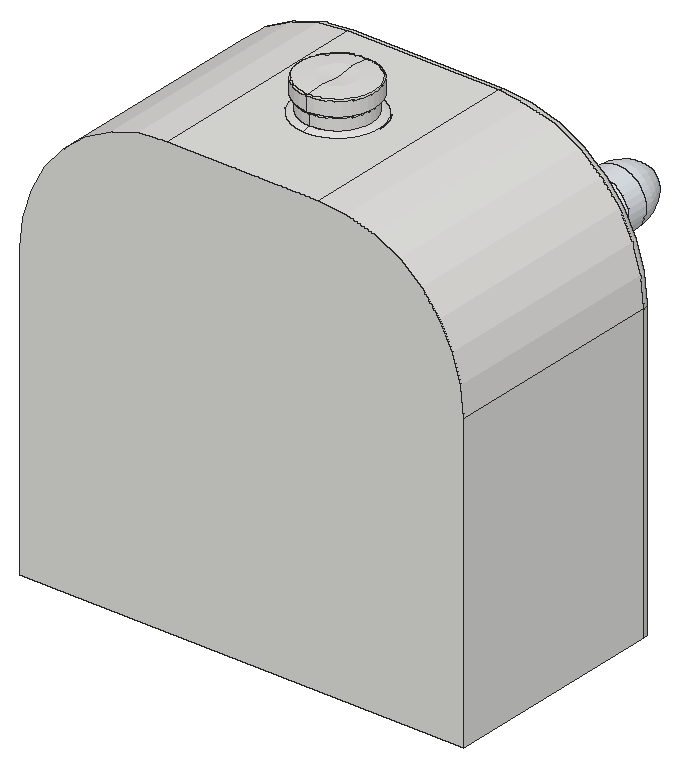
Revit family "Single_Fountain_Non-Filtered_Non-Refrigerated_Stainless-EDFP210C", category Plumbing Fixtures, host Face, Revit 2022
Family settings
  Host = Face
  Round Connector Dimension = Use Diameter
  Part Type = Normal
  OmniClass Number = 23.65.70.14.11
  OmniClass Title = Drinking Fountains/Coolers
  Cut with Voids When Loaded = No
  Maintain Annotation Orientation = No
  Shared = No
  Room Calculation Point = No
Parameters (values of type "EDFP210C (Single Fountain Non-Filtered Non-Refrigerated Stainless)")
  Waste Connection = no
  Ventilation Angle = 83.99°
  Outlet connection Size (inch) = 1.25"
  Inlet Connection Size (inch) = "0.375"
  Connection Outlet B = 1.25"
  Voltage = 115 V
  Vent Connection = no
  URL = "https://www.elkay.com/us/en.html"
  Connection Supply A = 0.38"
  Repair Parts URL = "https://www.elkayfiles.com/care-cleaning-install-warranty-sheets/97156c.pdf"
  Product data URL = "https://www.bimobject.com/en-in/elkay/product/edfp210c"
  Product Weight (lbs) = 51
  Product Page URL = "https://www.elkay.com/products/details/edfp210c"
  Product Installation Sheet URL = "https://www.elkayfiles.com/care-cleaning-install-warranty-sheets/97156c.pdf"
  Product Documentation Link = "https://www.elkayfiles.com/spec-sheets/edfp210c_spec.pdf"
  Power Factor = 1
  Number of Poles = 1
  Mounting Type = "Wall Mount (Inwall Frame/Plate)"
  Model = "EDFP210C"
  Manufacturer Brand = "Elkay (by Zurn Elkay Water Solutions)"
  Manufacturer = "Elkay Manufacturer Company"
  Main Material = Finish-Elkay-Stainless Steel
  Installation Location = "Indoor"
  HW Connection = no
  Dimensions (L x W x H) = "12 1/8 inch x 13  inch x 6 1/2 inch"
  Description = "Soft Sides® Single Fountain Non-Filtered Non-Refrigerated Stainless"
  Default Elevation = 48.00"
  Date Created = "11/20/2025"  # constant formula
  Basing_Height = 6.50"
  Base_Height = 33.00"
  Current = 0 A
  Chilling Capacity (GPH) = "8"
  CW Connection = no
  Assembly Code = "D2010"
  Approx. Shipping Weight (lbs) = 66
  Activation Method = "Mechanical Front Bubbler Button"
Reference planes (in)
  plane 1 "Center (Front/Back)": y = 0
  plane 2: z = 0
  plane 3 "Center (Left/Right)": x = 0
  plane 4: z = -1.125
  plane 5: z = 18.21
  plane 6: z = 12.47239
  plane 7: z = 13.45
  plane 8: z = 19.18736
  plane 9: x = -9.875
  plane 10: x = 9.875
  plane 11: y = 33
  plane 12: z = -12
  plane 13: z = -5
  plane 14: z = -3
  plane 15: y = 39.5
  plane 16: x = 1.17
  plane 17: z = 12.02239
Lines and regions (in)
  Masking region 1
    outline origin (0, 0, 0) x (1, 0, 0) y (0, 0, 1)
      loop
        line (6.0625, 0) -> (6.0625, 8.12239)
        arc (6.0625, 8.12239) -> (4.92022, 10.8801) -> (2.1625, 12.02239) r 3.9
        line (2.1625, 12.02239) -> (1.17, 12.02239) -> (1.17, 13) -> (-1.17, 13) -> (-1.17, 12.02239) -> (-2.1625, 12.02239)
        arc (-2.1625, 12.02239) -> (-4.92022, 10.8801) -> (-6.0625, 8.12239) r 3.9
        line (-6.0625, 8.12239) -> (-6.0625, 0) -> (6.0625, 0)
  Masking region 2
    outline origin (0, 0, 0) x (1, 0, 0) y (0, 0, 1)
      loop
        line (1.87919, 11.77414) -> (-1.87825, 11.77414)
        spline (-1.87825, 11.77414) -> (-1.89427, 11.77412) -> (-1.91029, 11.77406) -> (-1.92631, 11.77396) -> (-1.94233, 11.77383) -> (-1.95835, 11.77366) -> (-1.97437, 11.77345) -> (-1.99038, 11.7732) -> (-2.0064, 11.77291) -> (-2.02242, 11.77259) -> (-2.03843, 11.77222) -> (-2.05445, 11.77182) -> (-2.07046, 11.77138)
        spline (-2.07046, 11.77138) -> (-2.55155, 11.72419) -> (-3.0231, 11.61784) -> (-3.47787, 11.45395) -> (-3.90886, 11.23506) -> (-4.30947, 10.96452) -> (-4.67352, 10.6465) -> (-4.99542, 10.28587) -> (-5.27023, 9.88819) -> (-5.49373, 9.45956) -> (-5.66247, 9.00657) -> (-5.77387, 8.53619) -> (-5.8262, 8.05564)
        spline (-5.8262, 8.05564) -> (-5.82694, 8.03469) -> (-5.8276, 8.01373) -> (-5.82821, 7.99278) -> (-5.82875, 7.97182) -> (-5.82922, 7.95087) -> (-5.82964, 7.92991) -> (-5.82999, 7.90895) -> (-5.83027, 7.88798) -> (-5.8305, 7.86702) -> (-5.83066, 7.84606) -> (-5.83075, 7.8251) -> (-5.83078, 7.80413)
        line (-5.83078, 7.80413) -> (-5.83078, 6.27744)
        spline (-5.83078, 6.27744) -> (-5.83125, 6.20633) -> (-5.83044, 6.13523) -> (-5.82835, 6.06416) -> (-5.82499, 5.99313) -> (-5.82036, 5.92218) -> (-5.81446, 5.85132) -> (-5.80729, 5.78059) -> (-5.79885, 5.70999) -> (-5.78915, 5.63957) -> (-5.77819, 5.56933) -> (-5.76597, 5.4993) -> (-5.7525, 5.42951)
        arc (-5.7525, 5.42951) -> (-4.51437, 3.53467) -> (-2.37351, 2.79976) r 3.48572
        line (-2.37351, 2.79976) -> (1.88513, 2.79976)
        arc (1.88513, 2.79976) -> (4.48048, 3.79176) -> (5.7525, 6.26195) r 3.89107
        spline (5.7525, 6.26195) -> (5.75605, 6.29751) -> (5.75929, 6.3331) -> (5.7622, 6.36872) -> (5.7648, 6.40436) -> (5.76708, 6.44003) -> (5.76904, 6.47571) -> (5.77069, 6.51141) -> (5.77201, 6.54712) -> (5.77301, 6.58284) -> (5.7737, 6.61857) -> (5.77406, 6.65431) -> (5.77411, 6.69005)
        line (5.77411, 6.69005) -> (5.77411, 7.91425)
        spline (5.77411, 7.91425) -> (5.77407, 7.9339) -> (5.77394, 7.95355) -> (5.77373, 7.97321) -> (5.77344, 7.99286) -> (5.77306, 8.01251) -> (5.7726, 8.03216) -> (5.77206, 8.0518) -> (5.77143, 8.07144) -> (5.77071, 8.09109) -> (5.76992, 8.11072) -> (5.76904, 8.13036) -> (5.76807, 8.14999)
        spline (5.76807, 8.14999) -> (5.7656, 8.18959) -> (5.7627, 8.22917) -> (5.75939, 8.26871) -> (5.75565, 8.30822) -> (5.7515, 8.34768) -> (5.74693, 8.3871) -> (5.74194, 8.42647) -> (5.73653, 8.46578) -> (5.73071, 8.50503) -> (5.72447, 8.54422) -> (5.71782, 8.58334) -> (5.71075, 8.62239)
        arc (5.71075, 8.62239) -> (5.02234, 10.20765) -> (3.71545, 11.33858) r 3.89227
        spline (3.71545, 11.33858) -> (3.59068, 11.40204) -> (3.4636, 11.46073) -> (3.33439, 11.51456) -> (3.20322, 11.56346) -> (3.0703, 11.60736) -> (2.93581, 11.64619) -> (2.79995, 11.6799) -> (2.6629, 11.70843) -> (2.52487, 11.73176) -> (2.38605, 11.74984) -> (2.24665, 11.76265) -> (2.10686, 11.77017)
        spline (2.10686, 11.77017) -> (2.08789, 11.77081) -> (2.06892, 11.77138) -> (2.04996, 11.77191) -> (2.03099, 11.77237) -> (2.01201, 11.77279) -> (1.99304, 11.77315) -> (1.97407, 11.77345) -> (1.95509, 11.7737) -> (1.93612, 11.77389) -> (1.91714, 11.77403) -> (1.89816, 11.77411) -> (1.87919, 11.77414)
  Masking region 3, detail levels fine
    outline origin (0, 0, 0) x (1, 0, 0) y (0, 0, 1)
      loop
        circle (3.9775, 9.31) r 0.68
      loop
        circle (0, 4.94) r 1.04887
Dimensions and locks (in)
  equal spacing: plane 9, plane 3 "Center (Left/Right)", plane 10
  locked: plane 9 to plane 10 at 19.75
  locked: level to plane 12 at 12
  locked: level to plane 4 at 1.125
  locked: level to plane 14 at 3
  "Base_Height": plane 11 to plane 1 "Center (Front/Back)"
  "Basing_Height": plane 15 to plane 11
  locked: plane 16 to nested 1 at 2.34
  locked: plane 6 to plane 17 at 0.45
  aligned and locked: plane 2 to host face
  aligned and locked: level to host face
  aligned and locked: plane 3 "Center (Left/Right)" to nested 1
  aligned and locked: nested 1 to plane 11
  aligned and locked: plane 1 "Center (Front/Back)" to host face
  aligned and locked: plane 15 to nested 1
  aligned and locked: host face to nested 1
  aligned and locked: nested 1 to nested 2
  aligned and locked: nested 2 to nested 1  (x2)
  aligned and locked: Masking region 2 sketch curve to nested 1  (x4)
  aligned and locked: nested 1 to Masking region 2 sketch curve
  aligned and locked: Masking region 3 sketch curve to nested 2  (x2)
  aligned and locked: Masking region 3 sketch curve to nested 1  (x2)
  aligned and locked: Masking region 1 to nested 1  (x4)
  aligned and locked: plane 16 to Masking region 1
  aligned and locked: nested 1 to nested 1  (x3)
  aligned and locked: plane 17 to nested 1
Automatic sketch dimensions
  host sketch curve to host sketch curve = 96.00"
  host sketch curve to host sketch curve = 100.00"
  Masking region 2 sketch curve to Masking region 2 sketch curve = 0.22767"
  Masking region 2 sketch curve to plane 6 = 1.1338"
  Masking region 2 sketch curve to Masking region 2 sketch curve = 0.00396"
  Masking region 2 sketch curve to Masking region 2 sketch curve = 0.0909"
  Masking region 2 sketch curve to Masking region 2 sketch curve = 0.17067"
  Masking region 2 sketch curve to Masking region 2 sketch curve = 0.06285"
  Masking region 2 sketch curve to Masking region 2 sketch curve = 0.81873"
  Masking region 2 sketch curve to Masking region 2 sketch curve = 0.05732"
  Masking region 2 sketch curve to Masking region 2 sketch curve = 0.67876"
  Masking region 2 sketch curve to Masking region 2 sketch curve = 0.00604"
  Masking region 2 sketch curve to Masking region 2 sketch curve = 0.92991"
  Masking region 2 sketch curve to Masking region 2 sketch curve = 0.23574"
  Masking region 2 sketch curve to Masking region 2 sketch curve = 1.2242"
  Masking region 2 sketch curve to Masking region 2 sketch curve = 0.10083"
  Masking region 2 sketch curve to Masking region 2 sketch curve = 0.0866"
  Masking region 2 sketch curve to Masking region 2 sketch curve = 0.02161"
  Masking region 2 sketch curve to Masking region 2 sketch curve = 0.42809"
  Masking region 2 sketch curve to Masking region 2 sketch curve = 0.10718"
  Masking region 2 sketch curve to Masking region 2 sketch curve = 0.01389"
  Masking region 2 sketch curve to Masking region 2 sketch curve = 0.07828"
  Masking region 2 sketch curve to Masking region 2 sketch curve = 0.71423"
  Masking region 2 sketch curve to Masking region 2 sketch curve = 0.4253"
  Masking region 2 sketch curve to Masking region 2 sketch curve = 0.07048"
  Masking region 2 sketch curve to Masking region 2 sketch curve = 0.00458"
  plane 3 "Center (Left/Right)" to Masking region 2 sketch curve = 0.67277"
  Masking region 2 sketch curve to Masking region 2 sketch curve = 0.53124"
  Masking region 2 sketch curve to Masking region 2 sketch curve = 0.11028"
  Masking region 2 sketch curve to Masking region 2 sketch curve = 0.19221"
  Masking region 2 sketch curve to Masking region 2 sketch curve = 0.44236"
  plane 3 "Center (Left/Right)" to Masking region 2 sketch curve = 1.08367"
  Masking region 2 sketch curve to Masking region 2 sketch curve = 1.58915"
  Masking region 2 sketch curve to Masking region 2 sketch curve = 0.06996"
  Masking region 2 sketch curve to Masking region 2 sketch curve = 1.05119"
  Masking region 3 sketch curve to Masking region 3 sketch curve = 0.00"  (x4)
  Masking region 1 sketch curve to level = 0.00"
  Masking region 1 sketch curve to plane 17 = 0.00"  (x2)
  Masking region 1 sketch curve to plane 16 = 0.00"
  Masking region 1 sketch curve to plane 3 "Center (Left/Right)" = 1.17"
  Masking region 1 sketch curve to Masking region 1 sketch curve = 0.9925"
  plane 9 to Masking region 1 sketch curve = 3.8125"
  plane 16 to Masking region 1 sketch curve = 0.9925"
  Masking region 1 sketch curve to plane 10 = 3.8125"
  Masking region 1 sketch curve to plane 7 = 0.45"
Nested families (in)
  nested 1: "EDFP210C" at (0, 33, 4.94) x (1, 0, 0) z (0, 1, 0), type "EDFP210C"
    with Material Finish-Elkay-Stainless Steel
  nested 2: "Bubbler" at (3.9775, 39.5, 9.31) x (-1, 0, 0) z (0, 1, 0), type "Bubbler"
Connectors (in)
  piping at (3.9775, 34.76, 4.94), diameter 0.38, driven by "Connection Supply A", driven by "CW Connection"
    settings: on nested 1, index 1, connector inside diameter 24", connector length 0.00", flow factor 0, pipe flow 0 GPM, pressure drop 0.00 psi, fitting loss kfactor 0, connector angle 0.00°, fixture units 0, engagement length 0.00", angle of deflection 0.00°, flow configuration 0, flow direction 1, fitting loss method 0, system type 20, joint type 0, gender type 0, connector reference index -1, connector utility 0, adjustable connector no, is connector primary yes, connector description "Water Inlet"
  piping at (0, 36.26, 4.69), diameter 1.25, driven by "Connection Outlet B", driven by "Waste Connection"
    settings: on nested 1, index 2, connector inside diameter 24", connector length 0.00", flow factor 0, pipe flow 0 GPM, pressure drop 0.00 psi, fitting loss kfactor 0, connector angle 0.00°, fixture units 0, engagement length 0.00", angle of deflection 0.00°, flow configuration 0, flow direction 2, fitting loss method 0, system type 16, joint type 0, gender type 0, connector reference index -1, connector utility 0, adjustable connector no, is connector primary no, connector description "Sanitary Outlet"
Definition of nested family "EDFP210C"
  Parameters (values of type "EDFP210C")
    Width = 13.00"
    Material [instance] = none
    Length = 12.125"
    Height = 6.50"
    Drain_Outlet_Height = 2.25"
    Drain_Loc_Y-Driection = 4.94"
    Drain_Loc_X-Direction = (Length / 2)  # 6.0625"
    Default Elevation = 48.00"
    Bubbler_Loc = 9.31"
  Reference planes (in)
    plane 1 "Center (Front/Back)": y = 0
    plane 2: z = 0
    plane 3 "Center (Left/Right)": x = 0
    plane 4: x = -6.0625
    plane 5: y = -7.08239
    plane 6: z = 6.19
    plane 7: z = 6.5
    plane 8: x = -1.17
    plane 9: x = -5.9725
    plane 10: x = 5.8875
    plane 11: y = -6.16261
    plane 12: z = 4.7793
    plane 13: x = 3.9775
    plane 14: z = 5.34815
    plane 15: x = -1.17
    plane 16: z = 3.26
    plane 17: z = 1.4
    plane 18: y = -8.06
    plane 19: y = 5.02739
    plane 20: x = 6.0625
    plane 21: y = 4.94
    plane 22: z = 6.46
    plane 23: x = 3.08054
    plane 24: x = 3.26254
    plane 25: y = -6.99239
    plane 26: y = 2.165
    plane 27: z = 4.83697
    plane 28: x = -1.04887
    plane 29: y = -8.06
    plane 30: z = 2.2285
    plane 31: y = -7.82659
    plane 32: y = -7.76248
    plane 33: z = 2.77607
    plane 34: z = 2.31926
    plane 35: y = -7.43283
    plane 36: z = 2.08701
    plane 37: y = -4.37
    plane 38: through (3.9775, -4.37, 48) normal (-0.7071, -0.7071, 0)
    plane 39: y = 0.25
    plane 40: z = 1.76
  Forms (in)
    Extrusion 1, solid, detail levels coarse+medium
      sketch origin (0.74372, 0, 0) x (1, 0, 0) y (0, 1, 0)
        loop
          line (-6.80622, 4.94) -> (-6.80622, -2.78989)
          arc (-6.80622, -2.78989) -> (-5.54897, -5.82514) -> (-2.51372, -7.08239) r 4.2925
          line (-2.51372, -7.08239) -> (0, -7.08239) -> (0.86128, -7.08239)
          arc (0.86128, -7.08239) -> (4.01321, -5.77681) -> (5.31878, -2.62489) r 4.4575
          line (5.31878, -2.62489) -> (5.31878, 4.94) -> (-6.80622, 4.94)
      from 0 to 6.5
    Sweep 2, solid
      path origin (0, 0, 0) x (1, 0, 0) y (0, 1, 0)
        loop
          line (-6.0625, 4.94) -> (-6.0625, -3.03989)
          arc (-6.0625, -3.03989) -> (-4.87848, -5.89837) -> (-2.02, -7.08239) r 4.0425
          line (-2.02, -7.08239) -> (2.105, -7.08239)
          arc (2.105, -7.08239) -> (4.90338, -5.92326) -> (6.0625, -3.12489) r 3.9575
          line (6.0625, -3.12489) -> (6.0625, 4.94)
      profile origin (-6.0625, 0.95006, 0) x (1, 0, 0) y (0, 0, 1)
        loop
          line (0, 6.15) -> (0, 0) -> (3.6875, 0) -> (3.6875, 6.46) -> (0.31, 6.46)
          arc (0.31, 6.46) -> (0.0908, 6.3692) -> (0, 6.15) r 0.31
    Extrusion 3, solid
      sketch origin (0, 0, 0) x (1, 0, 0) y (0, 1, 0)
        loop
          line (-2.375, 4.94) -> (-2.375, -3.03989)
          arc (-2.375, -3.03989) -> (-2.27102, -3.29091) -> (-2.02, -3.39489) r 0.355
          line (-2.02, -3.39489) -> (2.105, -3.39489)
          arc (2.105, -3.39489) -> (2.29592, -3.3158) -> (2.375, -3.12489) r 0.27
          line (2.375, -3.12489) -> (2.375, 4.94) -> (-2.375, 4.94)
      from 0 to 6.46
    Blend 4, void
      base sketch origin (-0.07, 0, 0) x (1, 0, 0) y (0, 1, 0)
        loop
          arc (2, -6.99239) -> (4.79838, -5.83326) -> (5.9575, -3.03489) r 3.9575
          line (5.9575, -3.03489) -> (5.9575, -1.7925)
          arc (5.9575, -1.7925) -> (4.79838, 1.00588) -> (2, 2.165) r 3.9575
          line (2, 2.165) -> (-2.36, 2.165)
          arc (-2.36, 2.165) -> (-4.86493, 1.12743) -> (-5.9025, -1.3775) r 3.5425
          line (-5.9025, -1.3775) -> (-5.9025, -2.94989)
          arc (-5.9025, -2.94989) -> (-4.71848, -5.80837) -> (-1.86, -6.99239) r 4.0425
          line (-1.86, -6.99239) -> (2, -6.99239)
      top sketch origin (-0.07, 0, 0) x (1, 0, 0) y (0, 1, 0)
        loop
          arc (-1.03, 0) -> (-0.70782, -0.77782) -> (0.07, -1.1) r 1.1
          arc (0.07, -1.1) -> (0.84782, -0.77782) -> (1.17, 0) r 1.1
          arc (1.17, 0) -> (0.84782, 0.77782) -> (0.07, 1.1) r 1.1
          arc (0.07, 1.1) -> (-0.70782, 0.77782) -> (-1.03, 0) r 1.1
      from 6.5 to 4.7793
    Revolve 5, solid
      sketch origin (-12.61778, -4.37, 48) x (-1, 0, 0) y (0, 0, 1)
        loop
          line (-16.59528, -41.5) -> (-16.59528, -42.65185) -> (-14.99278, -42.65185) -> (-15.69832, -41.59038)
          arc (-15.69832, -41.59038) -> (-15.77872, -41.52384) -> (-15.88033, -41.5) r 0.22845
          line (-15.88033, -41.5) -> (-16.59528, -41.5)
        axis (-16.59528, -41.5) -> (-16.59528, -42.65185)
      angle from 0 to 360
    Revolve 6, void
      sketch origin (0, 0, 0) x (1, 0, 0) y (0, 0, 1)
        loop
          arc (-1.09, 4.7793) -> (-1.04388, 4.7602) -> (-1.02478, 4.71408) r 0.06522
          line (-1.02478, 4.71408) -> (-1.02478, 1.4) -> (0, 1.4) -> (0, 4.7793) -> (-1.09, 4.7793)
        axis (0, 4.7793) -> (0, 1.4)
      angle from 0 to 360
    Revolve 7, solid
      sketch origin (0, 0, 0) x (1, 0, 0) y (0, 0, 1)
        loop
          arc (0, 4.83273) -> (-0.42243, 4.8394) -> (-0.8437, 4.80737) r 4.60891
          arc (-0.8437, 4.80737) -> (-0.95035, 4.78213) -> (-1.04887, 4.73411) r 0.49648
          line (-1.04887, 4.73411) -> (-1.04887, 4.55081) -> (0, 4.43898) -> (0, 4.83273)
        axis (0, 4.83273) -> (0, 4.43898)
      angle from 0 to 360
    Revolve 8, solid
      sketch origin (0, 0, 0) x (0, 1, 0) y (0, 0, 1)
        loop
          line (-7.91879, 2.2285) -> (-7.54319, 2.2285) -> (-7.54319, 2.77607) -> (-7.47907, 2.77607) -> (-7.47907, 2.34398)
          arc (-7.47907, 2.34398) -> (-7.47156, 2.32623) -> (-7.4536, 2.31926) r 0.02473
          line (-7.4536, 2.31926) -> (-7.14942, 2.31926)
          arc (-7.14942, 2.31926) -> (-7.11736, 2.19728) -> (-7.05615, 2.08701) r 0.50646
          line (-7.05615, 2.08701) -> (-6.995, 2.08701) -> (-6.995, 3.26) -> (-7.94847, 3.26)
          arc (-7.94847, 3.26) -> (-7.98005, 2.75769) -> (-7.94916, 2.25533) r 4.05426
          arc (-7.94916, 2.25533) -> (-7.93905, 2.23617) -> (-7.91879, 2.2285) r 0.0306
        axis (-6.995, 3.26) -> (-7.94916, 3.26)
      angle from 0 to 360
    Extrusion 9, solid, detail levels coarse+medium
      sketch origin (0, 0, 0) x (1, 0, 0) y (0, 0, 1)
        loop
          circle (0, 3.26) r 1.18016
      from 7.08239 to 8.06
    Extrusion 10, solid
      sketch origin (0, 0, 0) x (1, 0, 0) y (0, 0, 1)
        loop
          circle (0, 3.26) r 0.625
        loop
          circle (3.9775, 1.76) r 0.1875
      from -0.25 to 0
  Cuts and joins
    Blend 4, Revolve 6 cuts Extrusion 1
    Blend 4, Revolve 6 cuts Sweep 2
    Blend 4, Revolve 6 cuts Extrusion 3
    joined: Sweep 2, Extrusion 3
  Dimensions and locks (in)
    plane 4 to plane 3 "Center (Left/Right)" = 6.0625"
    plane 1 "Center (Front/Back)" to plane 5 = 7.08239"
    locked: plane 6 to level at 6.19
    "Height": plane 7 to level
    locked: plane 16 to level at 3.26
    locked: plane 4 to plane 9 at 0.09
    locked: plane 10 to plane 13 at 1.91
    locked: plane 16 to plane 12 at 1.5193
    locked: plane 12 to plane 14 at 0.56885
    locked: plane 17 to level at 1.4
    locked: plane 5 to plane 18 at 0.97761
    "Length": plane 4 to plane 20
    "Width": plane 21 to plane 18
    locked: plane 13 to plane 20 at 2.085
    locked: plane 7 to plane 22 at 0.04
    locked: plane 24 to plane 23 at 0.182
    locked: plane 5 to plane 25 at 0.09
    locked: plane 27 to plane 12 at 0.05767
    locked: plane 28 to plane 15 at 0.12113
    plane 18 to plane 29 = 0.00"
    locked: plane 17 to plane 30 at 0.8285
    locked: plane 29 to plane 31 at 0.23341
    locked: plane 31 to plane 32 at 0.06412
    locked: plane 30 to plane 33 at 0.54757
    locked: plane 30 to plane 34 at 0.09075
    locked: plane 32 to plane 35 at 0.32965
    locked: plane 17 to plane 36 at 0.68701
    locked: Revolve 6 sketch curve to Revolve 6 sketch curve at 1.02478
    locked: Revolve 6 sketch curve to Revolve 6 sketch curve at 3.31408
    locked: Revolve 6 sketch curve to Revolve 6 sketch curve at 0.06522
    locked: Revolve 6 sketch curve to Revolve 6 sketch curve at 1.09
    locked: Revolve 6 sketch curve to plane 15 at 0.14522
    "Bubbler_Loc": plane 21 to plane 37
    "Drain_Loc_Y-Driection": plane 21 to plane 1 "Center (Front/Back)"
    locked: plane 1 "Center (Front/Back)" to plane 39 at 0.25
    locked: plane 16 to plane 40 at 1.5
    locked: plane 37 to plane 38 (angle 135.00°)
    aligned and locked: plane 2 to level
    aligned and locked: Extrusion 1 to level
    aligned and locked: Extrusion 3 sketch curve to Sweep 2
    aligned and locked: Extrusion 3 to level
    aligned and locked: Blend 4 to plane 7
    aligned and locked: cut or joined group of Extrusion 1, Blend 4, Revolve 6 to plane 12
    aligned and locked: plane 7 to cut or joined group of Extrusion 1, Blend 4, Revolve 6
    aligned and locked: cut or joined group of Extrusion 1, Blend 4, Revolve 6 to plane 17
    aligned and locked: Extrusion 9 to plane 18
    aligned and locked: plane 5 to Extrusion 9
    aligned and locked: Sweep 2 sketch curve to plane 20
    aligned and locked: Extrusion 1 sketch curve to plane 20
    aligned and locked: plane 4 to Extrusion 1 sketch curve
    aligned and locked: Extrusion 1 sketch curve to plane 5
    aligned and locked: plane 21 to Sweep 2 sketch curve  (x2)
    aligned and locked: Extrusion 1 sketch curve to plane 21
    aligned and locked: Extrusion 3 sketch curve to plane 21
    aligned and locked: Sweep 2 sketch curve to profile plane
    aligned and locked: plane 22 to Sweep 2 sketch curve
    aligned and locked: Sweep 2 sketch curve to level
    aligned and locked: Sweep 2 sketch curve to plane 4
    aligned and locked: Sweep 2 sketch curve to plane 5
    aligned and locked: Extrusion 3 sketch curve to cut or joined group of Sweep 2, Extrusion 3, Blend 4, Revolve 6
    aligned and locked: Revolve 5 sketch curve to plane 14
    aligned and locked: cut or joined group of Extrusion 1, Blend 4, Revolve 6 to Revolve 5 sketch curve
    aligned and locked: plane 23 to Revolve 5 sketch curve
    aligned and locked: plane 24 to Revolve 5 sketch curve
    aligned and locked: Revolve 5 sketch curve to plane 13
    aligned and locked: plane 1 "Center (Front/Back)" to Blend 4 sketch curve  (x3)
    aligned and locked: plane 9 to Blend 4 sketch curve
    aligned and locked: Blend 4 sketch curve to plane 10
    aligned and locked: Blend 4 sketch curve to plane 25
    aligned and locked: plane 26 to Blend 4 sketch curve
    aligned and locked: Blend 4 to plane 12
    aligned and locked: plane 28 to Revolve 7 sketch curve  (x2)
    aligned and locked: plane 16 to Revolve 8 sketch curve  (x3)
    aligned and locked: plane 30 to Revolve 8 sketch curve
    aligned and locked: Revolve 8 sketch curve to plane 33
    aligned and locked: plane 34 to Revolve 8 sketch curve
    aligned and locked: plane 36 to Revolve 8 sketch curve  (x2)
    aligned and locked: plane 18 to plane 29
    aligned and locked: Revolve 6 sketch curve to plane 17
    aligned and locked: Revolve 6 sketch curve to plane 3 "Center (Left/Right)"
    aligned and locked: plane 3 "Center (Left/Right)" to Blend 4 sketch curve
    aligned and locked: Revolve 7 sketch curve to plane 3 "Center (Left/Right)"  (x2)
    aligned and locked: plane 1 "Center (Front/Back)" to Extrusion 10
    aligned and locked: plane 39 to Extrusion 10
    aligned and locked: plane 13 to Extrusion 10 sketch curve
    aligned and locked: plane 40 to Extrusion 10 sketch curve
  Automatic sketch dimensions
    plane 3 "Center (Left/Right)" to Extrusion 1 sketch curve = 0.74372"
    Sweep 2 sketch curve to profile plane = 0.31"
    plane 8 to Blend 4 sketch curve = 0.07"
    Extrusion 9 sketch curve to plane 3 "Center (Left/Right)" = 0.00"
    Extrusion 9 sketch curve to plane 16 = 0.00"
    plane 29 to Revolve 8 sketch curve = 0.14121"
    Revolve 8 sketch curve to Revolve 8 sketch curve = 0.02473"
    plane 5 to Revolve 8 sketch curve = 0.02623"
    Revolve 8 sketch curve to plane 33 = 0.02116"
    Revolve 8 sketch curve to plane 30 = 0.0306"
    Revolve 8 sketch curve to plane 18 = 0.39672"
    Revolve 8 sketch curve to Revolve 8 sketch curve = 0.00074"
    Revolve 8 sketch curve to Revolve 8 sketch curve = 0.28828"
    Revolve 8 sketch curve to Revolve 8 sketch curve = 0.06677"
    Revolve 8 sketch curve to plane 31 = 0.12187"
    plane 32 to Revolve 8 sketch curve = 0.21929"
    Revolve 8 sketch curve to Revolve 8 sketch curve = 0.06412"
    Revolve 8 sketch curve to plane 5 = 0.06704"
    Extrusion 1 sketch curve to plane 8 = 0.60"
    plane 11 to Revolve 8 sketch curve = 2.23682"
    Sweep 2 sketch curve to plane 8 = 0.85"
    Sweep 2 sketch curve to Sweep 2 sketch curve = 3.3775"
    Blend 4 sketch curve to plane 8 = 1.26"
    Blend 4 sketch curve to plane 8 = 0.76"
    plane 3 "Center (Left/Right)" to Extrusion 1 sketch curve = 1.605"
    Sweep 2 sketch curve to plane 13 = 1.8725"
    Extrusion 3 sketch curve to Extrusion 3 sketch curve = 0.27"
    plane 3 "Center (Left/Right)" to Blend 4 sketch curve = 1.93"  (x2)
    Revolve 5 sketch curve to plane 13 = 0.00"
    Revolve 5 sketch curve to plane 23 = 0.70554"
    plane 6 to Revolve 5 sketch curve = 0.08155"
    plane 12 to Revolve 5 sketch curve = 0.07072"
    Revolve 5 sketch curve to Revolve 5 sketch curve = 0.53215"
    plane 5 to Revolve 8 sketch curve = 0.08739"
    Revolve 6 sketch curve to level = 0.85492"
    Revolve 6 sketch curve to plane 14 = 0.20307"
    plane 28 to Revolve 7 sketch curve = 0.26546"
    Revolve 7 sketch curve to plane 3 "Center (Left/Right)" = 0.28397"
    Revolve 7 sketch curve to plane 12 = 0.04518"
    Revolve 7 sketch curve to Revolve 7 sketch curve = 0.18331"
    Revolve 7 sketch curve to plane 12 = 0.34032"
    Revolve 7 sketch curve to Revolve 7 sketch curve = 0.23624"
    level to Revolve 7 sketch curve = 0.23258"
    Revolve 7 sketch curve to Revolve 7 sketch curve = 0.53302"
    Revolve 7 sketch curve to plane 27 = 0.21929"
    plane 27 to Revolve 7 sketch curve = 0.00424"
    Extrusion 10 sketch curve to plane 3 "Center (Left/Right)" = 0.00"
    Extrusion 10 sketch curve to plane 16 = 0.00"
    radius of Extrusion 9 sketch curve = 1.18016"
    radius of Extrusion 10 sketch curve = 0.625"
    radius of Extrusion 10 sketch curve = 0.1875"
Definition of nested family "Bubbler"
  Parameters (values of type "Bubbler")
    Main Material = none
    Default Elevation = 48.00"
  Reference planes (in)
    plane 1 "Center (Front/Back)": y = 0
    plane 2: z = 0
    plane 3 "Center (Left/Right)": x = 0
    plane 4: through (0, 0, 48) normal (-0.7071, 0.7071, 0)
    plane 5: through (0, 0, 48) normal (-0.7071, -0.7071, 0)
    plane 6: z = 0.68
    plane 7: x = -0.5541
    plane 8: z = 1.35642
    plane 9: z = 2.41783
    plane 10: z = 2.5
    plane 11: x = -0.17882
    plane 12: x = 0.94692
    plane 13: z = 2.39455
    plane 14: x = 0.44692
    plane 15: z = 1.29179
    plane 16: z = 1.07182
    plane 17: z = 0.98999
    plane 18: y = -1
    plane 19: y = 1
  Forms (in)
    Extrusion 1, solid, material <- "Main Material"
      sketch origin (0, 0, 0) x (1, 0, 0) y (0, 1, 0)
        loop
          circle (0, 0) r 0.68
      from 0 to 0.68
    Revolve 2, solid, material <- "Main Material"
      sketch origin (0, 0, 0) x (0.707107, 0.707107, 0) y (0, 0, 1)
        loop
          line (-0.68, 0.68) -> (0, 0.68) -> (0, 2.5)
          arc (0, 2.5) -> (-0.13415, 2.48263) -> (-0.25288, 2.41783) r 0.36688
          arc (-0.25288, 2.41783) -> (-0.64354, 1.94978) -> (-0.78362, 1.35642) r 1.32672
          line (-0.78362, 1.35642) -> (-0.78362, 0.78362) -> (-0.68, 0.68)
        axis (0, 2.5) -> (0, 0.68)
      angle from 0 to 360
    Extrusion 3, void
      sketch origin (0, 0, 0) x (1, 0, 0) y (0, 0, 1)
        loop
          line (0.94692, 0.98999) -> (0.94692, 2.39455) -> (0.44692, 2.39455) -> (0.44692, 1.29179)
          arc (0.44692, 1.29179) -> (0.49498, 1.15222) -> (0.61878, 1.07182) r 0.22671
          line (0.61878, 1.07182) -> (0.94692, 0.98999)
      from -1 to 1
    Revolve 4, void
      sketch origin (0.44692, 0, 1.11466) x (0, 0, 1) y (0, -1, 0)
        loop
          line (0, 0.11433) -> (0.961, 0.11433)
          arc (0.961, 0.11433) -> (0.80144, 0.32639) -> (0.58324, 0.47743) r 0.83217
          arc (0.58324, 0.47743) -> (0.42573, 0.5175) -> (0.26325, 0.51395) r 0.60152
          line (0.26325, 0.51395) -> (0, 0.47216) -> (0, 0.11433)
        axis (0.961, 0.11433) -> (0, 0.11433)
      angle from 0 to 360
  Cuts and joins
    Extrusion 3, Revolve 4 cuts Revolve 2
  Dimensions and locks (in)
    locked: plane 6 to level at 0.68
    locked: plane 3 "Center (Left/Right)" to plane 7 at 0.5541
    locked: plane 8 to level at 1.35642
    locked: plane 9 to level at 2.41783
    locked: plane 10 to level at 2.5
    locked: plane 11 to plane 7 at 0.37529
    locked: plane 14 to plane 3 "Center (Left/Right)" at 0.44692
    locked: plane 12 to plane 3 "Center (Left/Right)" at 0.94692
    locked: plane 13 to level at 2.39455
    plane 15 to level = 1.29179"
    locked: plane 17 to level at 0.98999
    locked: plane 15 to level at 1.29179
    locked: plane 18 to plane 19 at 2
    equal spacing: plane 18, plane 1 "Center (Front/Back)", plane 19
    aligned and locked: Extrusion 1 to level
    aligned and locked: Extrusion 1 to cut or joined group of Revolve 2, Extrusion 3, Revolve 4
    aligned and locked: Revolve 2 sketch curve to plane 6
    aligned and locked: plane 7 to Revolve 2 sketch curve
    aligned and locked: plane 8 to Revolve 2 sketch curve
    aligned and locked: plane 9 to Revolve 2 sketch curve
    aligned and locked: plane 10 to Revolve 2 sketch curve
    aligned and locked: plane 11 to Revolve 2 sketch curve  (x2)
    aligned and locked: Extrusion 3 sketch curve to plane 12
    aligned and locked: plane 13 to Extrusion 3 sketch curve
    aligned and locked: plane 14 to Extrusion 3 sketch curve
    aligned and locked: plane 17 to Extrusion 3 sketch curve
    aligned and locked: plane 16 to Extrusion 3 sketch curve
    aligned and locked: plane 15 to Extrusion 3 sketch curve
    aligned and locked: Extrusion 3 to plane 18
    aligned and locked: plane 19 to Extrusion 3
  Automatic sketch dimensions
    plane 1 "Center (Front/Back)" to Extrusion 1 sketch curve = 0.00"
    Extrusion 1 sketch curve to plane 3 "Center (Left/Right)" = 0.00"
    plane 14 to Extrusion 3 sketch curve = 0.17186"
    Revolve 4 sketch curve to Revolve 4 sketch curve = 0.19342"
    Revolve 4 sketch curve to Revolve 4 sketch curve = 0.19448"
    Revolve 4 sketch curve to Revolve 4 sketch curve = 0.35783"
    Revolve 4 sketch curve to Revolve 4 sketch curve = 0.04178"
    Revolve 4 sketch curve to Revolve 4 sketch curve = 0.25172"
    Revolve 4 sketch curve to Revolve 4 sketch curve = 0.00"  (x2)
    plane 1 "Center (Front/Back)" to Revolve 4 sketch curve = 0.47216"
    level to Revolve 4 sketch curve = 1.11466"
    Revolve 4 sketch curve to Revolve 4 sketch curve = 0.22477"
    Revolve 4 sketch curve to Revolve 4 sketch curve = 0.26325"
    Revolve 4 sketch curve to Revolve 4 sketch curve = 0.13277"
    Revolve 4 sketch curve to Revolve 4 sketch curve = 0.60346"
    radius of Extrusion 1 sketch curve = 0.68"
